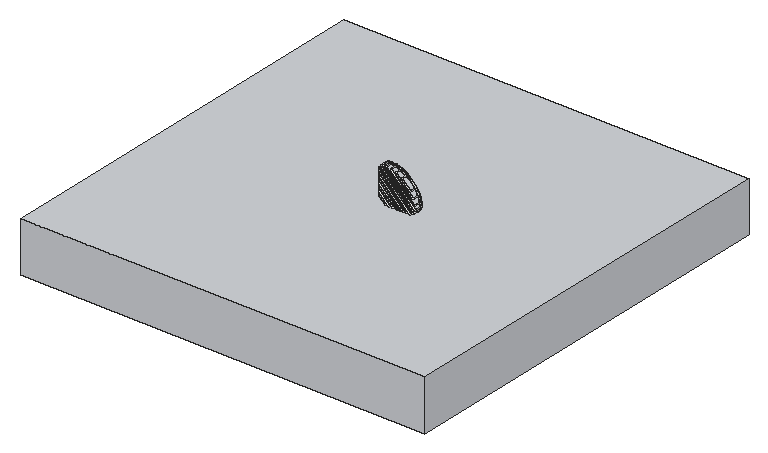
Revit family "Corner_Shelf-Grohe-BauCosmopolitan-40663001", category Specialty Equipment, host Face, Revit 2014
Parameters (values of type "40663001")
  Width = 233 mm  # constant formula
  URL = "https://www.grohe.us"
  Type Comments = ""
  Product Page URL = "https://www.grohe.ca/en_ca/bau-cosmopolitan-large-corner-basket-40663001.html"
  Price = "Prices may vary. Please consult Manufacturer Representative for most up-to-date price list."  # constant formula
  Model = "40663001"
  Material = "Metal-Grohe-001-Chrome"
  Manufacturer = "Grohe"  # constant formula
  Length = 164.009 mm  # constant formula
  Installation Type = "Wall Mounted"  # constant formula
  Height = 32.048 mm  # constant formula
  Finish = Metal-Grohe-001-Chrome
  Description = "BauCosmopolitan Large corner basket"
  Default Elevation = 1016 mm  # constant formula
  Creation Date = "03/14/2019"  # constant formula
  Assembly Code = "C1030200"
Reference planes
  plane 1 "Center (Front/Back)": y = 0
  plane 2: z = 0
  plane 3 "Center (Left/Right)": x = 0
  plane 4: y = -50
  plane 5: through (0, 0, 0) normal (0.7071, 0, -0.7071)
  plane 6: through (164.852, 0, 164.659) normal (0.7071, 0, 0.7071)
Forms (mm)
  Extrusion 1, solid
    sketch origin (0, 0, 0) x (1, 0, 0) y (0, 1, 0)
      loop
        line (-1219.2, 1219.2) -> (-1219.2, -1219.2) -> (1219.2, -1219.2) -> (1219.2, 1219.2) -> (-1219.2, 1219.2)
    from 0 to -304.8
  Sweep 2, solid, material "Metal-Grohe-001-Chrome" <- "Finish"
    path origin (0, 0, 0) x (1, 0, 0) y (0, 0, 1)
      loop
        line (0, 19.05) -> (0, 178.063)
        arc (0, 178.063) -> (10.041, 202.599) -> (34.403, 213.058) r 35
        arc (34.403, 213.058) -> (163.066, 165.926) -> (226.735, 44.591) r 190.342
        arc (226.735, 44.591) -> (216.863, 13.388) -> (186.999, 0) r 40
        line (186.999, 0) -> (19.05, 0)
    profile origin (0, 0, 98.556) x (-1, 0, 0) y (0, -1, 0)
      loop
        arc (-0.855, 0) -> (-0.25, 0.25) -> (0, 0.855) r 0.855
        line (0, 0.855) -> (0, 9.79) -> (-5.467, 9.79) -> (-5.467, 0.893)
        arc (-5.467, 0.893) -> (-5.206, 0.262) -> (-4.574, 0) r 0.893
        line (-4.574, 0) -> (-0.855, 0)
  Sweep 3, solid, material "Metal-Grohe-001-Chrome" <- "Finish"
    path origin (99.617, -1.25, 220.187) x (0.707107, 0, -0.707107) y (0, 1, 0)
      loop
        line (59.75, -8.54) -> (59.75, -40.065)
        arc (59.75, -40.065) -> (61.721, -44.822) -> (66.478, -46.793) r 6.728
        line (66.478, -46.793) -> (125.215, -46.793)
        arc (125.215, -46.793) -> (129.986, -44.817) -> (131.962, -40.046) r 6.747
        line (131.962, -40.046) -> (131.962, -8.54)
    profile origin (141.867, -25.553, 177.938) x (0.707107, 0, -0.707107) y (0.707107, 0, 0.707107)
      loop
        circle (0, 0) r 1.877
  Sweep 4, solid, material "Metal-Grohe-001-Chrome" <- "Finish"
    path origin (35.245, -1.25, 162.702) x (0.707107, 0, -0.707107) y (0, 1, 0)
      loop
        line (-41.625, -8.54) -> (-41.625, -40.065)
        arc (-41.625, -40.065) -> (-39.654, -44.822) -> (-34.897, -46.793) r 6.728
        line (-34.897, -46.793) -> (218.465, -46.793)
        arc (218.465, -46.793) -> (223.236, -44.817) -> (225.212, -40.046) r 6.747
        line (225.212, -40.046) -> (225.212, -8.54)
    profile origin (5.812, -25.553, 192.136) x (0.707107, 0, -0.707107) y (0.707107, 0, 0.707107)
      loop
        circle (0, 0) r 1.877
  Sweep 5, solid, material "Metal-Grohe-001-Chrome" <- "Finish"
    path origin (14.626, -1.25, 141.29) x (0.707107, 0, -0.707107) y (0, 1, 0)
      loop
        line (-16.975, -8.54) -> (-16.975, -40.065)
        arc (-16.975, -40.065) -> (-15.004, -44.822) -> (-10.247, -46.793) r 6.728
        line (-10.247, -46.793) -> (188.875, -46.793)
        arc (188.875, -46.793) -> (193.645, -44.817) -> (195.622, -40.046) r 6.747
        line (195.622, -40.046) -> (195.622, -8.54)
    profile origin (2.623, -25.553, 153.293) x (0.707107, 0, -0.707107) y (0.707107, 0, 0.707107)
      loop
        circle (0, 0) r 1.877
  Sweep 6, solid, material "Metal-Grohe-001-Chrome" <- "Finish"
    path origin (-6.556, -1.25, 120.901) x (0.707107, 0, -0.707107) y (0, 1, 0)
      loop
        line (13.494, -8.54) -> (13.494, -40.065)
        arc (13.494, -40.065) -> (15.464, -44.822) -> (20.222, -46.793) r 6.728
        line (20.222, -46.793) -> (161.64, -46.793)
        arc (161.64, -46.793) -> (166.411, -44.817) -> (168.387, -40.046) r 6.747
        line (168.387, -40.046) -> (168.387, -8.54)
    profile origin (2.986, -25.553, 111.36) x (0.707107, 0, -0.707107) y (0.707107, 0, 0.707107)
      loop
        circle (0, 0) r 1.877
  Sweep 7, solid, material "Metal-Grohe-001-Chrome" <- "Finish"
    path origin (-17.124, -1.25, 110.333) x (0.707107, 0, -0.707107) y (0, 1, 0)
      loop
        line (27.781, -8.54) -> (27.781, -40.065)
        arc (27.781, -40.065) -> (29.752, -44.822) -> (34.509, -46.793) r 6.728
        line (34.509, -46.793) -> (146.559, -46.793)
        arc (146.559, -46.793) -> (151.33, -44.817) -> (153.306, -40.046) r 6.747
        line (153.306, -40.046) -> (153.306, -8.54)
    profile origin (2.521, -25.553, 90.689) x (0.707107, 0, -0.707107) y (0.707107, 0, 0.707107)
      loop
        circle (0, 0) r 1.877
  Sweep 8, solid, material "Metal-Grohe-001-Chrome" <- "Finish"
    path origin (3.134, -1.25, 130.591) x (0.707107, 0, -0.707107) y (0, 1, 0)
      loop
        line (0, -8.54) -> (0, -40.065)
        arc (0, -40.065) -> (1.971, -44.822) -> (6.728, -46.793) r 6.728
        line (6.728, -46.793) -> (174.34, -46.793)
        arc (174.34, -46.793) -> (179.111, -44.817) -> (181.087, -40.046) r 6.747
        line (181.087, -40.046) -> (181.087, -8.54)
    profile origin (3.134, -25.553, 130.591) x (0.707107, 0, -0.707107) y (0.707107, 0, 0.707107)
      loop
        circle (0, 0) r 1.877
  Sweep 9, solid, material "Metal-Grohe-001-Chrome" <- "Finish"
    path origin (23.866, -1.25, 151.323) x (0.707107, 0, -0.707107) y (0, 1, 0)
      loop
        line (-30.219, -8.54) -> (-30.219, -40.065)
        arc (-30.219, -40.065) -> (-28.248, -44.822) -> (-23.491, -46.793) r 6.728
        line (-23.491, -46.793) -> (203.309, -46.793)
        arc (203.309, -46.793) -> (208.08, -44.817) -> (210.056, -40.046) r 6.747
        line (210.056, -40.046) -> (210.056, -8.54)
    profile origin (2.498, -25.553, 172.69) x (0.707107, 0, -0.707107) y (0.707107, 0, 0.707107)
      loop
        circle (0, 0) r 1.877
  Sweep 10, solid, material "Metal-Grohe-001-Chrome" <- "Finish"
    path origin (-28.489, -1.25, 98.968) x (0.707107, 0, -0.707107) y (0, 1, 0)
      loop
        line (44.45, -8.54) -> (44.45, -40.065)
        arc (44.45, -40.065) -> (46.421, -44.822) -> (51.178, -46.793) r 6.728
        line (51.178, -46.793) -> (129.89, -46.793)
        arc (129.89, -46.793) -> (134.661, -44.817) -> (136.637, -40.046) r 6.747
        line (136.637, -40.046) -> (136.637, -8.54)
    profile origin (2.942, -25.553, 67.537) x (0.707107, 0, -0.707107) y (0.707107, 0, 0.707107)
      loop
        circle (0, 0) r 1.877
  Sweep 11, solid, material "Metal-Grohe-001-Chrome" <- "Finish"
    path origin (-38.874, -1.25, 88.583) x (0.707107, 0, -0.707107) y (0, 1, 0)
      loop
        line (58.738, -8.54) -> (58.738, -40.065)
        arc (58.738, -40.065) -> (60.708, -44.822) -> (65.466, -46.793) r 6.728
        line (65.466, -46.793) -> (115.603, -46.793)
        arc (115.603, -46.793) -> (120.374, -44.817) -> (122.35, -40.046) r 6.747
        line (122.35, -40.046) -> (122.35, -8.54)
    profile origin (2.66, -25.553, 47.049) x (0.707107, 0, -0.707107) y (0.707107, 0, 0.707107)
      loop
        circle (0, 0) r 1.877
  Revolve 12, solid, material "Metal-Grohe-001-Chrome" <- "Finish"
    sketch origin (0, -4.915, 0) x (1, 0, 0) y (0, 0, 1)
      loop
        line (5.467, 101.933) -> (9.271, 101.933)
        arc (9.271, 101.933) -> (9.001, 103.63) -> (8.474, 105.264) r 11.135
        arc (8.474, 105.264) -> (7.615, 106.317) -> (6.315, 106.713) r 2.334
        line (6.315, 106.713) -> (5.467, 106.713) -> (5.467, 101.933)
      axis (9.271, 101.933) -> (5.467, 101.933)
    angle from 0 to 360
  Revolve 13, solid, material "Metal-Grohe-001-Chrome" <- "Finish"
    sketch origin (0, -4.915, -42.751) x (1, 0, 0) y (0, 0, 1)
      loop
        line (5.467, 101.933) -> (9.271, 101.933)
        arc (9.271, 101.933) -> (9.001, 103.63) -> (8.474, 105.264) r 11.135
        arc (8.474, 105.264) -> (7.615, 106.317) -> (6.315, 106.713) r 2.334
        line (6.315, 106.713) -> (5.467, 106.713) -> (5.467, 101.933)
      axis (9.271, 101.933) -> (5.467, 101.933)
    angle from 0 to 360
  Revolve 14, solid, material "Metal-Grohe-001-Chrome" <- "Finish"
    sketch origin (0, -4.915, 0) x (0, 0, 1) y (-1, 0, 0)
      loop
        line (5.467, -101.933) -> (5.467, -106.713) -> (6.315, -106.713)
        arc (6.315, -106.713) -> (7.615, -106.317) -> (8.474, -105.264) r 2.334
        arc (8.474, -105.264) -> (9.001, -103.63) -> (9.271, -101.933) r 11.135
        line (9.271, -101.933) -> (5.467, -101.933)
      axis (9.271, -101.933) -> (5.467, -101.933)
    angle from 0 to 360
  Revolve 15, solid, material "Metal-Grohe-001-Chrome" <- "Finish"
    sketch origin (-42.751, -4.915, 0) x (0, 0, 1) y (-1, 0, 0)
      loop
        line (5.467, -101.933) -> (5.467, -106.713) -> (6.315, -106.713)
        arc (6.315, -106.713) -> (7.615, -106.317) -> (8.474, -105.264) r 2.334
        arc (8.474, -105.264) -> (9.001, -103.63) -> (9.271, -101.933) r 11.135
        line (9.271, -101.933) -> (5.467, -101.933)
      axis (9.271, -101.933) -> (5.467, -101.933)
    angle from 0 to 360
  Sweep 16, solid, material "Metal-Grohe-001-Chrome" <- "Finish"
    path origin (77.047, -1.25, 204.504) x (0.707107, 0, -0.707107) y (0, 1, 0)
      loop
        line (-2.25, -8.54) -> (-2.25, -40.065)
        arc (-2.25, -40.065) -> (-0.279, -44.822) -> (4.478, -46.793) r 6.728
        line (4.478, -46.793) -> (197.215, -46.793)
        arc (197.215, -46.793) -> (201.986, -44.817) -> (203.962, -40.046) r 6.747
        line (203.962, -40.046) -> (203.962, -8.54)
    profile origin (75.456, -25.553, 206.095) x (0.707107, 0, -0.707107) y (0.707107, 0, 0.707107)
      loop
        circle (0, 0) r 1.877
  Sweep 17, solid, material "Metal-Grohe-001-Chrome" <- "Finish"
    path origin (56.428, -1.25, 183.091) x (0.707107, 0, -0.707107) y (0, 1, 0)
      loop
        line (-37.6, -8.54) -> (-37.6, -40.065)
        arc (-37.6, -40.065) -> (-35.629, -44.822) -> (-30.872, -46.793) r 6.728
        line (-30.872, -46.793) -> (222, -46.793)
        arc (222, -46.793) -> (226.77, -44.817) -> (228.747, -40.046) r 6.747
        line (228.747, -40.046) -> (228.747, -8.54)
    profile origin (29.841, -25.553, 209.678) x (0.707107, 0, -0.707107) y (0.707107, 0, 0.707107)
      loop
        circle (0, 0) r 1.877
  Sweep 18, solid, material "Metal-Grohe-001-Chrome" <- "Finish"
    path origin (44.935, -1.25, 172.392) x (0.707107, 0, -0.707107) y (0, 1, 0)
      loop
        line (-42.812, -8.54) -> (-42.812, -40.065)
        arc (-42.812, -40.065) -> (-40.842, -44.822) -> (-36.084, -46.793) r 6.728
        line (-36.084, -46.793) -> (223.715, -46.793)
        arc (223.715, -46.793) -> (228.486, -44.817) -> (230.462, -40.046) r 6.747
        line (230.462, -40.046) -> (230.462, -8.54)
    profile origin (14.662, -25.553, 202.665) x (0.707107, 0, -0.707107) y (0.707107, 0, 0.707107)
      loop
        circle (0, 0) r 1.877
  Sweep 19, solid, material "Metal-Grohe-001-Chrome" <- "Finish"
    path origin (65.667, -1.25, 193.124) x (0.707107, 0, -0.707107) y (0, 1, 0)
      loop
        line (-23.344, -8.54) -> (-23.344, -40.065)
        arc (-23.344, -40.065) -> (-21.373, -44.822) -> (-16.616, -46.793) r 6.728
        line (-16.616, -46.793) -> (217.059, -46.793)
        arc (217.059, -46.793) -> (221.83, -44.817) -> (223.806, -40.046) r 6.747
        line (223.806, -40.046) -> (223.806, -8.54)
    profile origin (49.16, -25.553, 209.63) x (0.707107, 0, -0.707107) y (0.707107, 0, 0.707107)
      loop
        circle (0, 0) r 1.877
  Sweep 20, solid, material "Metal-Grohe-001-Chrome" <- "Finish"
    path origin (88.426, -1.25, 215.884) x (0.707107, 0, -0.707107) y (0, 1, 0)
      loop
        line (26.5, -8.54) -> (26.5, -40.065)
        arc (26.5, -40.065) -> (28.471, -44.822) -> (33.228, -46.793) r 6.728
        line (33.228, -46.793) -> (167.528, -46.793)
        arc (167.528, -46.793) -> (172.299, -44.817) -> (174.275, -40.046) r 6.747
        line (174.275, -40.046) -> (174.275, -8.54)
    profile origin (107.165, -25.553, 197.145) x (0.707107, 0, -0.707107) y (0.707107, 0, 0.707107)
      loop
        circle (0, 0) r 1.877
Lines and regions (mm)
  Masking region 1
    outline origin (0, 0, 0) x (1, 0, 0) y (0, 0, 1)
      loop
        line (0, 178.412) -> (0, 19.05) -> (5.467, 19.05) -> (5.467, 41.56) -> (41.56, 5.467) -> (19.05, 5.467) -> (19.05, 0) -> (186.585, 0)
        arc (186.585, 0) -> (216.418, 13.354) -> (226.331, 44.5) r 40
        arc (226.331, 44.5) -> (162.986, 165.941) -> (34.505, 213.409) r 190.342
        arc (34.505, 213.409) -> (10.077, 202.985) -> (0, 178.412) r 35
  symbolic lines, style "PlumbingFixtures", detail levels medium+fine
    curve 1: line (5.467, 0, 41.588) -> (5.467, 0, 177.88)
    curve 2: arc (35.099, 0, 207.878) -> (159.847, 0, 161.501) -> (221.122, 0, 43.356) r 184.874
    curve 3: line (187.195, 0, 5.467) -> (41.588, 0, 5.467)
  symbolic lines, style "PlumbingFixtures", detail levels fine
    curve 4: line (8.861, 0, 191.741) -> (194.372, 0, 6.23)
    curve 5: line (189.732, 0, 5.562) -> (7.244, 0, 188.05)
    curve 6: line (5.467, 0, 172.375) -> (172.375, 0, 5.467)
    curve 7: line (167.067, 0, 5.467) -> (5.467, 0, 167.067)
    curve 8: line (5.467, 0, 153.103) -> (153.103, 0, 5.467)
    curve 9: line (147.795, 0, 5.467) -> (5.467, 0, 147.795)
    curve 10: line (125.604, 0, 5.467) -> (5.467, 0, 125.604)
    curve 11: line (5.467, 0, 111.532) -> (111.532, 0, 5.467)
    curve 12: line (106.224, 0, 5.467) -> (5.467, 0, 106.224)
    curve 13: line (5.467, 0, 90.397) -> (90.397, 0, 5.467)
    curve 14: line (85.089, 0, 5.467) -> (5.467, 0, 85.089)
    curve 15: line (5.467, 0, 67.666) -> (67.666, 0, 5.467)
    curve 16: line (62.358, 0, 5.467) -> (5.467, 0, 62.358)
    curve 17: line (5.467, 0, 46.896) -> (46.896, 0, 5.467)
    curve 18: line (41.588, 0, 5.467) -> (5.467, 0, 41.588)
    curve 19: line (130.912, 0, 5.467) -> (5.467, 0, 130.912)
    curve 20: arc (221.122, 0, 43.356) -> (212.625, 0, 16.831) -> (187.195, 0, 5.467) r 34.134
    curve 21: arc (5.467, 0, 177.88) -> (14.124, 0, 198.962) -> (35.099, 0, 207.878) r 30
    curve 22: line (81.708, 0, 202.496) -> (216.833, 0, 67.372)
    curve 23: line (218.407, 0, 60.489) -> (74.842, 0, 204.054)
    curve 24: line (54.333, 0, 207.112) -> (221.325, 0, 40.119)
    curve 25: line (221.032, 0, 35.105) -> (48.586, 0, 207.551)
    curve 26: line (34.315, 0, 207.858) -> (217.763, 0, 24.41)
    curve 27: line (215.835, 0, 21.03) -> (29.57, 0, 207.295)
    curve 28: line (204.497, 0, 10.177) -> (14.928, 0, 199.746)
    curve 29: line (207.682, 0, 12.299) -> (17.832, 0, 202.149)
    curve 30: line (117.206, 0, 189.765) -> (204.117, 0, 102.854)
    curve 31: line (208.364, 0, 93.299) -> (107.651, 0, 194.011)
    curve 32: line (190.255, 0, 126.963) -> (141.316, 0, 175.902)
Dimensions and locks
  "Width": plane 6 to plane 5
  plane 4 to plane 1 "Center (Front/Back)" = 50 mm
  aligned and locked: plane 2 to Extrusion 1
  aligned and locked: level to Extrusion 1
  aligned and locked: level to Sweep 2 sketch curve
  aligned and locked: Sweep 2 sketch curve to plane 3 "Center (Left/Right)"
Automatic sketch dimensions
  plane 3 "Center (Left/Right)" to curve 1 = 5.467 mm
  curve 21 to curve 21 = 30 mm
  level to curve 2 = 23.017 mm
  curve 18 to curve 2 = 31.903 mm
  level to curve 3 = 5.467 mm
  curve 2 to curve 3 = 4.218 mm
  level to curve 20 = 39.601 mm
  curve 18 to curve 20 = 145.608 mm
  curve 2 to curve 18 = 18.571 mm
  plane 3 "Center (Left/Right)" to curve 5 = 7.244 mm
  curve 5 to curve 4 = 1.617 mm
  curve 4 to curve 28 = 6.066 mm
  curve 28 to curve 29 = 2.905 mm
  curve 27 to curve 21 = 5.529 mm
  curve 26 to curve 21 = 0.784 mm
  curve 2 to curve 21 = 0 mm
  curve 18 to curve 17 = 5.308 mm  (x2)
  curve 21 to curve 25 = 13.487 mm
  curve 17 to curve 16 = 15.463 mm  (x2)
  curve 16 to curve 15 = 5.308 mm  (x2)
  curve 15 to curve 14 = 17.422 mm  (x2)
  curve 14 to curve 13 = 5.308 mm  (x2)
  curve 13 to curve 12 = 15.828 mm  (x2)
  curve 12 to curve 11 = 5.308 mm  (x2)
  curve 11 to curve 10 = 14.072 mm  (x2)
  curve 10 to curve 19 = 5.308 mm  (x2)
  curve 19 to curve 9 = 16.883 mm  (x2)
  curve 9 to curve 8 = 5.308 mm  (x2)
  curve 8 to curve 7 = 13.964 mm
  curve 7 to curve 6 = 5.308 mm  (x2)
  level to curve 5 = 5.562 mm
  level to curve 4 = 6.23 mm
  level to curve 28 = 10.177 mm
  level to curve 29 = 12.299 mm
  level to curve 27 = 21.03 mm
  level to curve 22 = 67.372 mm
  curve 22 to curve 2 = 4.29 mm
  level to curve 26 = 24.41 mm
  level to curve 23 = 60.489 mm
  level to curve 25 = 35.105 mm
  level to curve 24 = 40.119 mm
  Extrusion 1 sketch curve to Extrusion 1 sketch curve = 2438.4 mm  (x2)
  Sweep 2 sketch curve to Sweep 2 sketch curve = 35 mm
  level to Sweep 2 sketch curve = 22.744 mm
  plane 3 "Center (Left/Right)" to Sweep 2 sketch curve = 37.651 mm
  Sweep 2 sketch curve to Sweep 2 sketch curve = 149.348 mm
  Sweep 2 sketch curve to Sweep 2 sketch curve = 40 mm
  plane 3 "Center (Left/Right)" to Sweep 2 sketch curve = 19.05 mm
  Sweep 2 sketch curve to Sweep 2 sketch curve = 0 mm
  level to Sweep 2 sketch curve = 19.05 mm
  plane 1 "Center (Front/Back)" to Sweep 2 sketch curve = 0 mm
  Sweep 2 sketch curve to profile plane = 0 mm
  profile plane to Sweep 2 sketch curve = 0.855 mm
  Sweep 2 sketch curve to Sweep 2 sketch curve = 3.719 mm
  profile plane to Sweep 2 sketch curve = 5.467 mm
  Sweep 2 sketch curve to Sweep 2 sketch curve = 8.897 mm
  profile plane to Sweep 3 sketch curve = 0 mm
  Sweep 3 sketch curve to profile plane = 0 mm
  profile plane to Sweep 4 sketch curve = 0 mm
  Sweep 4 sketch curve to profile plane = 0 mm
  profile plane to Sweep 5 sketch curve = 0 mm
  Sweep 5 sketch curve to profile plane = 0 mm
  profile plane to Sweep 6 sketch curve = 0 mm
  Sweep 6 sketch curve to profile plane = 0 mm
  profile plane to Sweep 7 sketch curve = 0 mm
  Sweep 7 sketch curve to profile plane = 0 mm
  profile plane to Sweep 8 sketch curve = 0 mm
  Sweep 8 sketch curve to profile plane = 0 mm
  profile plane to Sweep 9 sketch curve = 0 mm
  Sweep 9 sketch curve to profile plane = 0 mm
  profile plane to Sweep 10 sketch curve = 0 mm
  Sweep 10 sketch curve to profile plane = 0 mm
  profile plane to Sweep 11 sketch curve = 0 mm
  Sweep 11 sketch curve to profile plane = 0 mm
  Revolve 12 sketch curve to plane 3 "Center (Left/Right)" = 1.828 mm
  plane 3 "Center (Left/Right)" to Revolve 12 sketch curve = 5.467 mm
  Revolve 12 sketch curve to Revolve 12 sketch curve = 0.848 mm
  Revolve 12 sketch curve to Revolve 12 sketch curve = 3.804 mm
  Revolve 12 sketch curve to Revolve 12 sketch curve = 0.893 mm
  Revolve 12 sketch curve to Revolve 12 sketch curve = 2.446 mm
  Revolve 12 sketch curve to Revolve 12 sketch curve = 2.334 mm
  Revolve 12 sketch curve to Revolve 12 sketch curve = 1.098 mm
  Revolve 12 sketch curve to Revolve 12 sketch curve = 1.189 mm
  Revolve 12 sketch curve to Revolve 12 sketch curve = 0 mm
  Revolve 13 sketch curve to plane 3 "Center (Left/Right)" = 1.828 mm
  plane 3 "Center (Left/Right)" to Revolve 13 sketch curve = 5.467 mm
  Revolve 13 sketch curve to Revolve 13 sketch curve = 0.848 mm
  Revolve 13 sketch curve to Revolve 13 sketch curve = 3.804 mm
  level to Revolve 13 sketch curve = 58.289 mm
  Revolve 13 sketch curve to Revolve 13 sketch curve = 0.893 mm
  Revolve 13 sketch curve to Revolve 13 sketch curve = 2.446 mm
  Revolve 13 sketch curve to Revolve 13 sketch curve = 2.334 mm
  Revolve 13 sketch curve to Revolve 13 sketch curve = 1.098 mm
  Revolve 13 sketch curve to Revolve 13 sketch curve = 1.189 mm
  Revolve 13 sketch curve to Revolve 13 sketch curve = 0 mm
  Revolve 14 sketch curve to level = 1.828 mm
  level to Revolve 14 sketch curve = 5.467 mm
  Revolve 14 sketch curve to Revolve 14 sketch curve = 0.848 mm
  Revolve 14 sketch curve to Revolve 14 sketch curve = 3.804 mm
  plane 3 "Center (Left/Right)" to Revolve 14 sketch curve = 106.713 mm
  Revolve 14 sketch curve to Revolve 14 sketch curve = 2.334 mm
  Revolve 14 sketch curve to Revolve 14 sketch curve = 2.446 mm
  Revolve 14 sketch curve to Revolve 14 sketch curve = 0.893 mm
  Revolve 14 sketch curve to Revolve 14 sketch curve = 1.098 mm
  Revolve 14 sketch curve to Revolve 14 sketch curve = 1.189 mm
  Revolve 14 sketch curve to Revolve 14 sketch curve = 0 mm
  Revolve 15 sketch curve to level = 1.828 mm
  level to Revolve 15 sketch curve = 5.467 mm
  Revolve 15 sketch curve to Revolve 15 sketch curve = 0.848 mm
  Revolve 15 sketch curve to Revolve 15 sketch curve = 3.804 mm
  plane 3 "Center (Left/Right)" to Revolve 15 sketch curve = 63.961 mm
  Revolve 15 sketch curve to Revolve 15 sketch curve = 2.334 mm
  Revolve 15 sketch curve to Revolve 15 sketch curve = 2.446 mm
  Revolve 15 sketch curve to Revolve 15 sketch curve = 0.893 mm
  Revolve 15 sketch curve to Revolve 15 sketch curve = 1.098 mm
  Revolve 15 sketch curve to Revolve 15 sketch curve = 1.189 mm
  Revolve 15 sketch curve to Revolve 15 sketch curve = 0 mm
  Masking region 1 sketch curve to plane 3 "Center (Left/Right)" = 0 mm
  Masking region 1 sketch curve to level = 0 mm
  plane 3 "Center (Left/Right)" to Masking region 1 sketch curve = 5.467 mm
  plane 3 "Center (Left/Right)" to Masking region 1 sketch curve = 19.05 mm
  Masking region 1 sketch curve to Masking region 1 sketch curve = 35 mm
  Masking region 1 sketch curve to Masking region 1 sketch curve = 18.148 mm
  level to Masking region 1 sketch curve = 5.467 mm
  Masking region 1 sketch curve to Masking region 1 sketch curve = 4.362 mm
  Masking region 1 sketch curve to Masking region 1 sketch curve = 145.026 mm
  level to Masking region 1 sketch curve = 19.05 mm
  Masking region 1 sketch curve to Masking region 1 sketch curve = 17.619 mm
  Masking region 1 sketch curve to Masking region 1 sketch curve = 40 mm
  Masking region 1 sketch curve to Masking region 1 sketch curve = 22.51 mm
  Masking region 1 sketch curve to Masking region 1 sketch curve = 0 mm
  profile plane to Sweep 16 sketch curve = 0 mm
  Sweep 16 sketch curve to profile plane = 0 mm
  profile plane to Sweep 17 sketch curve = 0 mm
  Sweep 17 sketch curve to profile plane = 0 mm
  profile plane to Sweep 18 sketch curve = 0 mm
  Sweep 18 sketch curve to profile plane = 0 mm
  profile plane to Sweep 19 sketch curve = 0 mm
  Sweep 19 sketch curve to profile plane = 0 mm
  profile plane to Sweep 20 sketch curve = 0 mm
  Sweep 20 sketch curve to profile plane = 0 mm
  Sweep 9 sketch curve to plane 4 = 8.685 mm
  Sweep 9 sketch curve to plane 5 = 120.344 mm
  Sweep 9 sketch curve to plane 4 = 1.957 mm
  Sweep 9 sketch curve to plane 4 = 8.704 mm
  plane 5 to Sweep 9 sketch curve = 113.183 mm
  plane 1 "Center (Front/Back)" to Sweep 9 sketch curve = 9.79 mm  (x2)
  Sweep 4 sketch curve to plane 4 = 8.685 mm
  Sweep 4 sketch curve to plane 5 = 131.751 mm
  Sweep 4 sketch curve to plane 4 = 1.957 mm
  Sweep 4 sketch curve to plane 4 = 8.704 mm
  plane 5 to Sweep 4 sketch curve = 128.34 mm
  plane 1 "Center (Front/Back)" to Sweep 4 sketch curve = 9.79 mm  (x2)
  Sweep 18 sketch curve to plane 4 = 8.685 mm
  Sweep 18 sketch curve to plane 5 = 132.938 mm
  Sweep 18 sketch curve to plane 4 = 1.957 mm
  Sweep 18 sketch curve to plane 4 = 8.704 mm
  plane 5 to Sweep 18 sketch curve = 133.59 mm
  plane 1 "Center (Front/Back)" to Sweep 18 sketch curve = 9.79 mm  (x2)
  Sweep 17 sketch curve to plane 4 = 8.685 mm
  Sweep 17 sketch curve to plane 5 = 127.164 mm
  Sweep 17 sketch curve to plane 4 = 1.957 mm
  Sweep 17 sketch curve to plane 4 = 8.704 mm
  plane 5 to Sweep 17 sketch curve = 132.435 mm
  plane 1 "Center (Front/Back)" to Sweep 17 sketch curve = 9.79 mm  (x2)
  Sweep 11 sketch curve to plane 4 = 8.685 mm
  Sweep 11 sketch curve to plane 5 = 31.388 mm
  Sweep 11 sketch curve to plane 4 = 1.957 mm
  Sweep 11 sketch curve to plane 4 = 8.704 mm
  plane 5 to Sweep 11 sketch curve = 25.477 mm
  plane 1 "Center (Front/Back)" to Sweep 11 sketch curve = 9.79 mm  (x2)
  Sweep 19 sketch curve to plane 4 = 8.685 mm
  Sweep 19 sketch curve to plane 5 = 113.469 mm
  Sweep 19 sketch curve to plane 4 = 1.957 mm
  Sweep 19 sketch curve to plane 4 = 8.704 mm
  plane 5 to Sweep 19 sketch curve = 126.933 mm
  plane 1 "Center (Front/Back)" to Sweep 19 sketch curve = 9.79 mm  (x2)
  Sweep 10 sketch curve to plane 4 = 8.685 mm
  Sweep 10 sketch curve to plane 5 = 45.676 mm
  Sweep 10 sketch curve to plane 4 = 1.957 mm
  Sweep 10 sketch curve to plane 4 = 8.704 mm
  plane 5 to Sweep 10 sketch curve = 39.765 mm
  plane 1 "Center (Front/Back)" to Sweep 10 sketch curve = 9.79 mm  (x2)
  Sweep 16 sketch curve to plane 4 = 8.685 mm
  Sweep 16 sketch curve to plane 5 = 92.376 mm
  Sweep 16 sketch curve to plane 4 = 1.957 mm
  Sweep 16 sketch curve to plane 4 = 8.704 mm
  plane 5 to Sweep 16 sketch curve = 107.09 mm
  plane 1 "Center (Front/Back)" to Sweep 16 sketch curve = 9.79 mm  (x2)
  Sweep 7 sketch curve to plane 4 = 8.685 mm
  Sweep 7 sketch curve to plane 5 = 62.344 mm
  Sweep 7 sketch curve to plane 4 = 1.957 mm
  Sweep 7 sketch curve to plane 4 = 8.704 mm
  plane 5 to Sweep 7 sketch curve = 56.433 mm
  plane 1 "Center (Front/Back)" to Sweep 7 sketch curve = 9.79 mm  (x2)
  Sweep 20 sketch curve to plane 4 = 8.685 mm
  Sweep 20 sketch curve to plane 5 = 63.626 mm
  Sweep 20 sketch curve to plane 4 = 1.957 mm
  Sweep 20 sketch curve to plane 4 = 8.704 mm
  plane 5 to Sweep 20 sketch curve = 77.402 mm
  plane 1 "Center (Front/Back)" to Sweep 20 sketch curve = 9.79 mm  (x2)
  Sweep 6 sketch curve to plane 4 = 8.685 mm
  Sweep 6 sketch curve to plane 5 = 76.632 mm
  Sweep 6 sketch curve to plane 4 = 1.957 mm
  Sweep 6 sketch curve to plane 4 = 8.704 mm
  plane 5 to Sweep 6 sketch curve = 71.515 mm
  plane 1 "Center (Front/Back)" to Sweep 6 sketch curve = 9.79 mm  (x2)
  Sweep 8 sketch curve to plane 4 = 8.685 mm
  Sweep 8 sketch curve to plane 5 = 90.126 mm
  Sweep 8 sketch curve to plane 4 = 1.957 mm
  Sweep 8 sketch curve to plane 4 = 8.704 mm
  plane 5 to Sweep 8 sketch curve = 84.215 mm
  plane 1 "Center (Front/Back)" to Sweep 8 sketch curve = 9.79 mm  (x2)
  Sweep 3 sketch curve to plane 4 = 8.685 mm
  Sweep 3 sketch curve to plane 5 = 25.506 mm
  Sweep 3 sketch curve to plane 4 = 1.957 mm
  Sweep 3 sketch curve to plane 4 = 8.704 mm
  plane 5 to Sweep 3 sketch curve = 39.959 mm
  plane 1 "Center (Front/Back)" to Sweep 3 sketch curve = 9.79 mm  (x2)
  Sweep 5 sketch curve to plane 4 = 8.685 mm
  Sweep 5 sketch curve to plane 5 = 106.539 mm
  Sweep 5 sketch curve to plane 4 = 1.957 mm
  Sweep 5 sketch curve to plane 4 = 8.704 mm
  plane 5 to Sweep 5 sketch curve = 99.31 mm
  plane 1 "Center (Front/Back)" to Sweep 5 sketch curve = 9.79 mm  (x2)
  curve 19 to curve 1 = 46.968 mm
  curve 25 to curve 24 = 5.747 mm
  curve 24 to curve 23 = 20.509 mm
  curve 23 to curve 22 = 6.866 mm
  curve 22 to curve 31 = 25.943 mm
  curve 31 to curve 30 = 9.555 mm
  curve 30 to curve 32 = 24.109 mm
  level to curve 32 = 126.963 mm
  level to curve 30 = 102.854 mm
  level to curve 31 = 93.299 mm
  curve 7 to curve 1 = 10.813 mm
  Sweep 2 sketch curve to Sweep 2 sketch curve = 159.013 mm
  level to Revolve 12 sketch curve = 101.04 mm
  Masking region 1 sketch curve to Masking region 1 sketch curve = 136.853 mm
  radius of Sweep 3 sketch curve = 1.877 mm
  radius of Sweep 4 sketch curve = 1.877 mm
  radius of Sweep 5 sketch curve = 1.877 mm
  radius of Sweep 6 sketch curve = 1.877 mm
  radius of Sweep 7 sketch curve = 1.877 mm
  radius of Sweep 8 sketch curve = 1.877 mm
  radius of Sweep 9 sketch curve = 1.877 mm
  radius of Sweep 10 sketch curve = 1.877 mm
  radius of Sweep 11 sketch curve = 1.877 mm
  radius of Sweep 16 sketch curve = 1.877 mm
  radius of Sweep 17 sketch curve = 1.877 mm
  radius of Sweep 18 sketch curve = 1.877 mm
  radius of Sweep 19 sketch curve = 1.877 mm
  radius of Sweep 20 sketch curve = 1.877 mm
